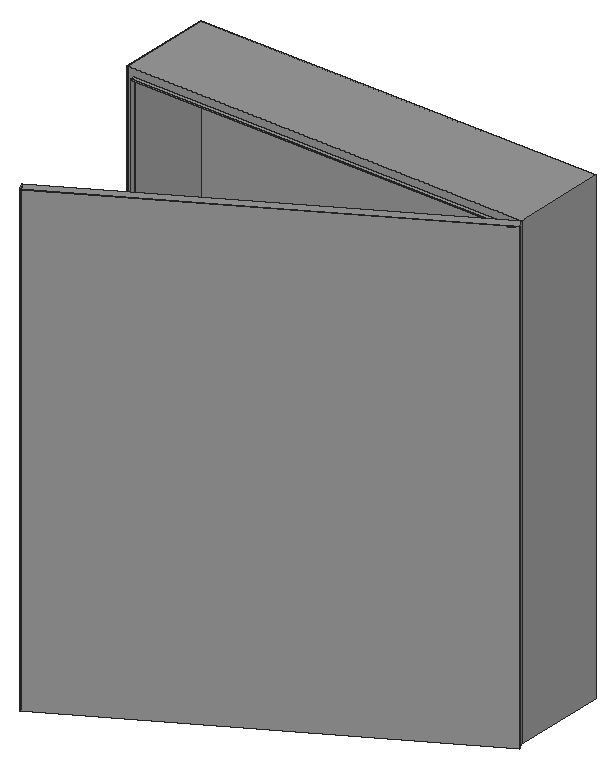
Revit family "Hager-Univers-IP44-D205-H950-Cl.II-Encl-NoHosted-CH-de", category Equipement électrique, Revit 2020
Family settings
  Configuration du panneau = Deux colonnes, circuits au sein
  Cote de connecteur circulaire = Utiliser le diamètre
  Type d'élément = Tableau de raccordement
  Basée sur le plan de construction = Oui
  Toujours verticalement = Oui
  Couper avec des vides une fois chargée = Non
  Partagée = Non
  Point de calcul de pièce = Non
Parameters (values of type "Aufputz IP44 B800 H950 T205  - FP63QS")
  Width Control [instance] = if([EF000008 - Breite] > Min Width, [EF000008 - Breite], Min Width)  # 800 mm
  Commentaires du type = [HG000003 - Bereich]  # "Univers"
  Thickness Door [instance] = if([EF009171 - Materialstärke Tür/Deckel] > 3 mm, 3 mm, [EF009171 - Materialstärke Tür/Deckel])  # 1 mm
  Seal Frame Offset [instance] = 17 mm  # constant formula
  Plinth Visibility [instance] = [HG000027 - Sockelhöhe] > 0 mm  # no
  Min Width [instance] = 100 mm  # constant formula
  Min Depth [instance] = (2 * [EF009170 - Materialstärke Gehäuse]) + 1 mm  # 3 mm
  Min Height [instance] = 100 mm  # constant formula
  Internal Frame Depth [instance] = (Door System Depth * 0.5)  # 9 mm
  Panel Name [instance] = ""  # (empty or 0)
  Model = ""
  HG000027 - Sockelhöhe = 0 mm
  HG000026 - Stehend auf dem Boden = no
  HG000024 - Höhe des unteren Teils = 600 mm
  HG000023 - Gehäuse mit doppeltem Querschnitt = no
  HG000016 - 3D-Türsichtbarkeit [instance] = yes
  HG000015 - Sichtbarkeit der Türöffnung [instance] = no
  HG000014 - Tür rechts [instance] = yes
  HG000013 - Tür links [instance] = not([HG000014 - Tür rechts])  # no
  HG000012 - Türschwenkwinkel [instance] = 30.00°
  HG000010 - Asymmetrische Türen = no
  HG000009 - Doppelflügeligen Tür = no
  HG000006 - Unterputz = no
  HG000004 - Herstellerreferenz = "FP63QS"
  HG000003 - Bereich = "Univers"
  HG000002 - Mit tür = yes
  Frame Offset Bottom [instance] = 10 mm  # constant formula
  Frame Offset [instance] = 15 mm  # constant formula
  EF015940 - Deckel mit Überdruckentlastung = no
  EF011959 - Schutzart (NEMA) = ""
  EF009554 - Anzahl der Öffnungen für Flanschplatten = 6
  EF009212 - Ausführung Deckel = "EV000116 - geschlossen"
  EF009171 - Materialstärke Tür/Deckel = 1 mm
  EF009170 - Materialstärke Gehäuse = 1 mm
  EF008873 - Nennstrom (In) = 250 A
  EF007800 - Geeignet für Blitzschutz = no
  EF006306 - Mit Schloss = no
  EF006244 - Transparenter Deckel/Tür = no
  EF005474 - Schutzart (IP) = "EV006418 - IP44"
  EF004464 - Art der Tür = "EV002646 - Einzel"
  EF004427 - Anzahl der Module = 216
  EF004293 - Schlagfestigkeit = "EV006815 - IK09"
  EF003532 - Geeignet für Außengebrauch = no
  EF002950 - Breite in Teilungseinheiten = 36
  EF001613 - Funktionserhalt = "EV000494 - ohne"
  EF001596 - Werkstoff des Gehäuses = "EV000179 - Stahl"
  EF001131 - Innentiefe = 143 mm
  EF001088 - Anbaumöglichkeit = yes
  EF000437 - Anzahl der Leitungseinführungen = 6
  EF000339 - Art der Abdeckung = "EV001012 - Deckel"
  EF000266 - Anzahl der Reihen = 6
  EF000218 - Einbautiefe = 0 mm
  EF000118 - Mit Montageplatte = no
  EF000116 - RAL-Nummer = "9010"
  EF000049 - Tiefe = 205 mm
  EF000040 - Höhe = 950 mm
  EF000008 - Breite = 800 mm
  EF000007 - Farbe = "EV000202 - weiß"
  EF000003 - Montageart = "EV000384 - Aufputz"
  Door System Leaf Tolerance [instance] = 1.5 mm  # constant formula
  Door System Depth [instance] = 18 mm  # constant formula
  Door Height [instance] = Height Control - [HG000027 - Sockelhöhe]  # 950 mm
  Description = ""
  Default Elevation = 1219.2 mm
  Connector Offset [instance] = Height Control / 2  # 475 mm
  Fabricant = "Hager"  # constant formula
  Height Control [instance] = if([EF000040 - Höhe] > Min Height, [EF000040 - Höhe], Min Height)  # 950 mm
  Depth Control [instance] = if([EF000049 - Tiefe] > Min Depth, [EF000049 - Tiefe], Min Depth)  # 205 mm
  Bottom Top Plate Trim [instance] = 1.5 mm  # constant formula
  Plinth height Ctrl [instance] = if([HG000027 - Sockelhöhe] > 0 mm, [HG000027 - Sockelhöhe], 12 mm)  # 12 mm
Types (5, lengths in mm): name | Width Control | HG000009 - Doppelflügeligen Tür | HG000004 - Herstellerreferenz | EF009554 - Anzahl der Öffnungen für Flanschplatten | EF004464 - Art der Tür | EF004427 - Anzahl der Module | EF002950 - Breite in Teilungseinheiten | EF001131 - Innentiefe | EF000437 - Anzahl der Leitungseinführungen | EF000008 - Breite
  Aufputz IP44 B1050 H950 T205  - FP64QS | 1050 | yes | "FP64QS" | 8 | "EV003602 - Doppel" | 288 | 48 | 143 | 8 | 1050
  Aufputz IP44 B1300 H950 T205  - FP65QS | 1300 | yes | "FP65QS" | 10 | "EV003602 - Doppel" | 360 | 60 | 143 | 10 | 1300
  Aufputz IP44 B300 H950 T205  - FP61QS | 300 | no | "FP61QS" | 2 | "EV002646 - Einzel" | 72 | 12 | 143 | 2 | 300
  Aufputz IP44 B550 H950 T205  - FP62QS | 550 | no | "FP62QS" | 4 | "EV002646 - Einzel" | 144 | 24 | 130 | 4 | 550
  Aufputz IP44 B800 H950 T205  - FP63QS | 800 | no | "FP63QS" | 6 | "EV002646 - Einzel" | 216 | 36 | 143 | 6 | 800
Reference planes
  plane 1 "Center (Front/Back)": y = 0
  plane 2: z = 0
  plane 3 "Center (Left/Right)": x = 0
  plane 4: y = 0
  plane 5: y = 0
  plane 6: z = 0
  plane 7: x = -400
  plane 8: x = 400
  plane 9: x = 399
  plane 10: x = -399
  plane 11: z = 0
  plane 12: z = 1
  plane 13: y = -205
  plane 14: y = -1
  plane 15: x = 0
  plane 16: y = -187
  plane 17: y = -204
  plane 18: y = -186
  plane 19: x = -384
  plane 20: x = 384
  plane 21: z = 11
  plane 22: x = -383
  plane 23: x = 383
  plane 24: z = 0
  plane 25: z = 950
  plane 26: z = 950
  plane 27: z = 934
  plane 28: z = 949
Forms (mm)
  Extrusion 1, solid, material "Hager_Steel_RAL7035_Light_Grey", detail levels medium+fine
    sketch origin (-208.679, -4572, 0) x (-1, 0, 0) y (0, -1, 0)
      loop
        line (191.321, -4385) -> (-608.679, -4385) -> (-608.679, -4572) -> (191.321, -4572) -> (191.321, -4385)
    from 0 to 950
  Extrusion 2, void
    sketch origin (-350.771, -205, 1219.2) x (1, 0, 0) y (0, 0, 1)
      loop
        line (-48.229, -270.2) -> (-48.229, -1218.2) -> (749.771, -1218.2) -> (749.771, -270.2) -> (-48.229, -270.2)
    from -19 to -204
  Extrusion 3, void
    sketch origin (-290.084, -187, 1219.2) x (1, 0, 0) y (0, 0, 1)
      loop
        line (-93.916, -1208.2) -> (674.084, -1208.2) -> (674.084, -285.2) -> (-93.916, -285.2) -> (-93.916, -1208.2)
    from 0 to -1
  Extrusion 4, solid, material "Hager_Steel_RAL7035_Light_Grey", visible <- "Plinth Visibility", detail levels medium+fine
    sketch origin (0, 0, 0) x (1, 0, 0) y (0, 1, 0)
      loop
        line (-400, 0) -> (-400, -187) -> (400, -187) -> (400, 0) -> (-400, 0)
    from 0 to 12 <- "Plinth height Ctrl"
  Extrusion 5, solid, material "Hager_Steel_RAL7035_Light_Grey", detail levels coarse
    sketch origin (0, 0, 0) x (1, 0, 0) y (0, 1, 0)
      loop
        line (-400, 0) -> (-400, -205) -> (400, -205) -> (400, 0) -> (-400, 0)
    from 0 to 950 <- "Height Control"
  Sweep 6, void
    path in 3D
      loop
        line (-400, -187, 12) -> (400, -187, 12) -> (400, 0, 12) -> (-400, 0, 12) -> (-400, -187, 12)
    profile origin (-400, -93.5, 12) x (1, 0, 0) y (0, 0, 1)
      loop
        line (0, 0) -> (0, -1.5) -> (1.5, -1.5)
        arc (1.5, -1.5) -> (1.061, -0.439) -> (0, 0) r 1.5
  Extrusion 7, solid, material "Hager_Steel_RAL7035_Light_Grey", detail levels fine
    sketch origin (-400, -187, 0) x (1, 0, 0) y (0, 0, 1)
      loop
        line (16, 11) -> (784, 11) -> (784, 934) -> (16, 934) -> (16, 11)
      loop
        line (15, 10) -> (785, 10) -> (785, 935) -> (15, 935) -> (15, 10)
    from 0 to 9 <- "Internal Frame Depth"
Cuts and joins
  Extrusion 2, Extrusion 3 cuts Extrusion 1
  Sweep 6 cuts Extrusion 4
Lines and regions (mm)
  Masking region 1
    outline origin (0, 0, 0) x (1, 0, 0) y (0, 1, 0)
      loop
        line (-400, 0) -> (-400, -205) -> (400, -205) -> (400, 0) -> (-400, 0)
  Masking region 2, detail levels coarse
    outline origin (-290.084, -187, 1219.2) x (-1, 0, 0) y (0, 0, 1)
      loop
        line (-690.084, -1219.2) -> (109.916, -1219.2) -> (109.916, -269.2) -> (-690.084, -269.2) -> (-690.084, -1219.2)
  Masking region 3, detail levels coarse
    outline origin (0, 0, 0) x (0, 1, 0) y (0, 0, 1)
      loop
        line (0, 0) -> (0, 950) -> (-205, 950) -> (-205, 0) -> (0, 0)
  Masking region 4, visible <- "Plinth Visibility", detail levels medium+fine
    outline origin (0, 0, 0) x (0, 1, 0) y (0, 0, 1)
      loop
        line (-1.5, 12) -> (-185.5, 12)
        arc (-185.5, 12) -> (-185.939, 10.939) -> (-187, 10.5) r 1.5
        line (-187, 10.5) -> (-187, 0) -> (0, 0) -> (0, 10.5)
        arc (0, 10.5) -> (-1.061, 10.939) -> (-1.5, 12) r 1.5
  Masking region 5, detail levels medium+fine
    outline origin (0, 0, 594.038) x (0, 1, 0) y (0, 0, 1)
      loop
        line (0, -594.038) -> (0, 355.962) -> (-187, 355.962) -> (-187, -594.038) -> (0, -594.038)
  Masking region 6, detail levels medium+fine
    outline origin (-359.7, -187, 1211.883) x (-1, 0, 0) y (0, 0, 1)
      loop
        line (-759.7, -1211.883) -> (40.3, -1211.883) -> (40.3, -261.883) -> (-759.7, -261.883) -> (-759.7, -1211.883)
  Masking region 7, visible <- "Plinth Visibility", detail levels medium+fine
    outline origin (-320.334, -187, 1041.368) x (-1, 0, 0) y (0, 0, 1)
      loop
        line (-720.334, -1041.368) -> (79.666, -1041.368) -> (79.666, -1030.868)
        arc (79.666, -1030.868) -> (78.606, -1030.429) -> (78.166, -1029.368) r 1.5
        line (78.166, -1029.368) -> (-718.834, -1029.368)
        arc (-718.834, -1029.368) -> (-719.273, -1030.429) -> (-720.334, -1030.868) r 1.5
        line (-720.334, -1030.868) -> (-720.334, -1041.368)
  sketch lines
    curve 1: line (-400, 0, 12) -> (-400, -187, 12)
    curve 2: line (-400, -187, 12) -> (400, -187, 12)
    curve 3: line (400, 0, 12) -> (-400, 0, 12)
    curve 4: line (400, -187, 12) -> (400, 0, 12)
Dimensions and locks
  locked: plane 1 "Center (Front/Back)" to plane 5
  "EF009170 - Materialstärke Gehäuse": plane 7 to plane 10
  "EF009170 - Materialstärke Gehäuse": plane 8 to plane 9
  equal spacing: plane 7, plane 3 "Center (Left/Right)", plane 8
  "Width Control": plane 7 to plane 8
  "Depth Control": plane 4 to plane 13
  "EF009170 - Materialstärke Gehäuse": plane 4 to plane 14
  "Height Control": plane 25 to level
  "HG000027 - Sockelhöhe": plane 11 to level
  "EF009170 - Materialstärke Gehäuse": plane 12 to plane 11
  "EF009170 - Materialstärke Gehäuse": plane 17 to plane 13
  "EF009170 - Materialstärke Gehäuse": plane 18 to plane 16
  "Frame Offset Bottom": plane 21 to plane 12
  "Frame Offset": plane 10 to plane 19
  "Frame Offset": plane 9 to plane 20
  "Door System Depth": plane 16 to plane 13
  "Seal Frame Offset": plane 7 to plane 22
  "Seal Frame Offset": plane 8 to plane 23
  "EF009170 - Materialstärke Gehäuse": plane 26 to plane 28
  "Frame Offset": plane 28 to plane 27
  "Connector Offset": plane 2 to connector elem
  "Bottom Top Plate Trim": profile plane to Sweep 6 sketch curve
  "Bottom Top Plate Trim": Sweep 6 sketch curve to Sweep 6 sketch curve
  "Plinth height Ctrl": Masking region 4 sketch curve to level
  "Plinth height Ctrl": Masking region 7 sketch curve to level
  "Thickness Door": Extrusion 7 sketch curve to Extrusion 7 sketch curve  (x4)
  "Bottom Top Plate Trim": radius of Sweep 6 sketch curve
  "Bottom Top Plate Trim": radius of Masking region 4 sketch curve  (x2)
  "Bottom Top Plate Trim": radius of Masking region 7 sketch curve  (x2)
  aligned and locked: Extrusion 2 sketch curve to plane 12
  aligned and locked: Extrusion 2 sketch curve to plane 9
  aligned and locked: Extrusion 2 sketch curve to plane 10
  aligned and locked: Extrusion 2 to plane 14
  aligned and locked: Extrusion 1 sketch curve to plane 4
  aligned and locked: plane 8 to Extrusion 1 sketch curve
  aligned and locked: plane 7 to Extrusion 1 sketch curve
  aligned and locked: Extrusion 2 to plane 18
  aligned and locked: Extrusion 3 sketch curve to plane 19
  aligned and locked: plane 20 to Extrusion 3 sketch curve
  aligned and locked: Extrusion 3 to Extrusion 2
  aligned and locked: Extrusion 3 sketch curve to plane 21
  aligned and locked: plane 3 "Center (Left/Right)" to nested 1
  aligned and locked: Extrusion 1 sketch curve to plane 16
  aligned and locked: Extrusion 4 sketch curve to cut or joined group of Extrusion 1, Extrusion 2, Extrusion 3
  aligned and locked: Masking region 1 sketch curve to plane 7
  aligned and locked: Masking region 1 sketch curve to plane 5
  aligned and locked: Masking region 1 sketch curve to plane 8
  aligned and locked: Masking region 2 sketch curve to level
  aligned and locked: level to Masking region 3 sketch curve
  aligned and locked: plane 1 "Center (Front/Back)" to Masking region 3 sketch curve
  aligned and locked: plane 13 to Masking region 3 sketch curve
  aligned and locked: plane 5 to Masking region 4 sketch curve
  aligned and locked: Masking region 2 sketch curve to plane 8
  aligned and locked: Masking region 2 sketch curve to plane 7
  aligned and locked: plane 7 to nested 2
  aligned and locked: nested 2 to plane 5
  aligned and locked: plane 5 to Masking region 5 sketch curve
  aligned and locked: plane 26 to Masking region 5 sketch curve
  aligned and locked: Extrusion 5 sketch curve to plane 8
  aligned and locked: Extrusion 5 sketch curve to plane 7
  aligned and locked: Extrusion 5 sketch curve to plane 5
  aligned and locked: Extrusion 3 sketch curve to plane 27
  aligned and locked: Extrusion 2 sketch curve to plane 28
  aligned and locked: Masking region 2 to plane 25
  aligned and locked: Extrusion 4 to plane 16
  aligned and locked: profile plane to Sweep 6 sketch curve
  aligned and locked: Masking region 5 sketch curve to plane 24
  aligned and locked: level to Masking region 4 sketch curve
  aligned and locked: Masking region 1 to plane 13
  aligned and locked: nested 1 to plane 16
  aligned and locked: Masking region 3 to plane 25
  aligned and locked: plane 16 to Masking region 4 sketch curve
  aligned and locked: Masking region 5 sketch curve to plane 16
  aligned and locked: plane 24 to plane 11
  aligned and locked: plane 26 to plane 25
  aligned and locked: plane 26 to cut or joined group of Extrusion 1, Extrusion 2, Extrusion 3
  aligned and locked: nested 1 to plane 24
  aligned and locked: Extrusion 1 to Extrusion 3
  aligned and locked: Masking region 6 sketch curve to plane 8
  aligned and locked: Masking region 6 sketch curve to plane 24
  aligned and locked: Masking region 6 sketch curve to plane 7
  aligned and locked: Masking region 6 sketch curve to plane 26
  aligned and locked: Masking region 7 sketch curve to plane 7
  aligned and locked: level to Masking region 7 sketch curve
  aligned and locked: Masking region 7 sketch curve to plane 8
  aligned and locked: Extrusion 7 sketch curve to cut or joined group of Extrusion 1, Extrusion 2, Extrusion 3  (x4)
Automatic sketch dimensions
  plane 19 to Extrusion 3 sketch curve = 0 mm
  Extrusion 3 sketch curve to plane 20 = 0 mm
  Extrusion 3 sketch curve to plane 21 = 0 mm
  Extrusion 4 sketch curve to plane 7 = 0 mm
  Extrusion 4 sketch curve to plane 8 = 0 mm
  Extrusion 4 sketch curve to plane 16 = 0 mm
  Masking region 1 sketch curve to plane 13 = 0 mm
  Masking region 2 sketch curve to plane 25 = 0 mm
  Masking region 3 sketch curve to plane 25 = 0 mm
  Extrusion 5 sketch curve to plane 13 = 0 mm
  profile plane to Sweep 6 sketch curve = 0 mm
Nested families
  nested 1: "EC000058_Univers_Door" at (0, -187, 0), Double <- "HG000009 - Doppelflügeligen Tür", Transparent <- "EF006244 - Transparenter Deckel/Tür", Angle <- "HG000012 - Türschwenkwinkel", Door_Right <- "HG000014 - Tür rechts", Assymetrical <- "HG000010 - Asymmetrische Türen", Door <- "HG000002 - Mit tür", Width_Ctrl <- "Width Control", 3d_Door <- "HG000016 - 3D-Türsichtbarkeit", Clearance <- "HG000015 - Sichtbarkeit der Türöffnung", Door_Left <- "HG000013 - Tür links", Width <- "Width Control", Door_Depth <- "Door System Depth", Leaf_Tolerance <- "Door System Leaf Tolerance", Height <- "Door Height", Lock_Visibility <- "EF006306 - Mit Schloss", Thickness <- "Thickness Door", type "EC000058_Univers_Door", detail levels medium+fine
    with min_wh 3 mm, Width_Ctrl 800 mm, Width 800 mm, Transparent no, Thickness 1 mm, Seal_Material Hager_Rubber, Lock_Visibility no, Lock_Material Hager_Plastic_RAL9005_Jet_Black, Leaf_Width 800 mm, Leaf_Tolerance_External_Sides 0 mm, Leaf_Tolerance 1.5 mm, Leaf_Offset 0 mm, Leaf_Height 947 mm, Leaf_2_Width 800 mm, Leaf_2_Offset 400 mm, Leaf_1_Width 800 mm, Leaf_1_Offset 400 mm, Height_Ctrl 950 mm, Height 950 mm, Glass_Material Hager_Glass, Double_Clearance_Ctrl no, Double no, Door_Right_Ctrl yes, Door_Right yes, Door_Material Hager_Steel_RAL7035_Light_Grey, Door_Left_Ctrl no, Door_Left no, Door_Depth 18 mm, Door yes, Clearance_Material Hager_Clearance, Clearance_Depth 800 mm, Clearance_Ctrl no, Clearance no, Assymetrical no, Angle 30.00°, 3d_Door yes
  nested 2: "Hager_Enclosure_Symbol" at (-400, 0, 0), Height <- "Depth Control", Width <- "Width Control", type "Hager_Enclosure_Symbol"
    with Width_Ctrl 800 mm, Width 800 mm, Height_Ctrl 205 mm, Height 205 mm, A_Width_Int 13.453 mm, A_Width 161.438 mm, A_Height_Ctrl 179.375 mm, A_Height 179.375 mm
Connectors
  electrical at (0, 0, 475)
    settings: on plane 1 "Center (Front/Back)", index 1, voltage 0 V, apparent load 0 VA, apparent load phase1 0 VA, apparent load phase2 0 VA, apparent load phase3 0 VA, power factor 1, load classification "Other", number of poles 1, system type 30, power factor state 1, is connector primary yes, connector utility no, sub classification motor no, connector description ""
Definition of nested family "EC000058_Univers_Door"
  Parameters (values of type "EC000058_Univers_Door")
    min_wh [instance] = (2 * Thickness) + 1 mm  # 11 mm
    Width_Ctrl [instance] = 400 mm
    Width [instance] = 500 mm
    Transparent [instance] = yes
    Thickness [instance] = 5 mm
    Seal_Material [instance] = none
    Lock_Visibility [instance] = yes
    Lock_Material [instance] = none
    Leaf_Width [instance] = if((Width_Ctrl - 2 * Leaf_Tolerance_External_Sides) > 0 mm, (Width_Ctrl - 2 * Leaf_Tolerance_External_Sides), min_wh)  # 400 mm
    Leaf_Tolerance_External_Sides [instance] = 0 mm  # constant formula
    Leaf_Tolerance [instance] = 1.5 mm
    Leaf_Offset [instance] = 0 mm  # constant formula
    Leaf_Height [instance] = if((Height_Ctrl - 2 * Leaf_Tolerance) > 0 mm, (Height_Ctrl - 2 * Leaf_Tolerance), min_wh)  # 497 mm
    Leaf_2_Width [instance] = if(and(and(Double, Assymetrical), Door_Left), (Leaf_Width / 3) - (Leaf_Tolerance / 2), if(and(and(Double, Assymetrical), Door_Right), (Leaf_Width / 3) * 2 - (Leaf_Tolerance / 2), if(and(Double, not(Assymetrical)), (Leaf_Width / 2) - Leaf_Tolerance, Leaf_Width)))  # 400 mm
    Leaf_2_Offset [instance] = if(and(Double, Assymetrical), Leaf_2_Width / 2, if(and(Double, not(Assymetrical)), Leaf_Width / 4, Leaf_Width / 2))  # 200 mm
    Leaf_1_Width [instance] = if(and(and(Double, Assymetrical), Door_Right), (Leaf_Width / 3) - (Leaf_Tolerance / 2), if(and(and(Double, Assymetrical), Door_Left), (Width / 3) * 2 - (Leaf_Tolerance / 2), if(and(Double, not(Assymetrical)), (Leaf_Width / 2) - Leaf_Tolerance, Leaf_Width)))  # 400 mm
    Leaf_1_Offset [instance] = if(and(Double, Assymetrical), Leaf_1_Width / 2, if(and(Double, not(Assymetrical)), Leaf_Width / 4, Leaf_Width / 2))  # 200 mm
    Height_Ctrl [instance] = if(Height > min_wh, Height, min_wh)  # 500 mm
    Height [instance] = 500 mm
    Glass_Material [instance] = none
    Double_Clearance_Ctrl [instance] = and(Double, Clearance)  # no
    Double [instance] = no
    Door_Right_Ctrl [instance] = and(or(Door_Right, Double), Door)  # yes
    Door_Right [instance] = yes
    Door_Material [instance] = none
    Door_Left_Ctrl [instance] = and(or(Door_Left, Double), Door)  # no
    Door_Left [instance] = no
    Door_Depth [instance] = 30 mm
    Door [instance] = yes
    Default Elevation = 1219.2 mm
    Clearance_Material [instance] = none
    Clearance_Depth [instance] = if(Leaf_1_Width > Leaf_2_Width, Leaf_1_Width, Leaf_2_Width)  # 400 mm
    Clearance_Ctrl [instance] = and(not(Double), Clearance)  # yes
    Clearance [instance] = yes
    Assymetrical [instance] = yes
    Angle [instance] = 30.00°
    3d_Door [instance] = yes
  Reference planes
    plane 1 "Center (Front/Back)": y = 0
    plane 2 "Bottom": z = 0
    plane 3 "Center (Left/Right)": x = 0
    plane 4: z = 500
    plane 5: x = -200
    plane 6: x = 200
    plane 7: z = 500
    plane 8: x = -200
    plane 9: z = 0
    plane 10: x = 200
    plane 11: y = 0
    plane 12: z = 1.5
    plane 13: x = -600
    plane 14: y = -400
    plane 15: x = 600
    plane 16: x = 0
    plane 17: x = 0
    plane 18: x = -200
    plane 19: x = 200
    plane 20: z = 498.5
  Forms (mm)
    Extrusion 1, solid, material <- "Clearance_Material", visible <- "Double_Clearance_Ctrl"
      sketch origin (1200, 0, 0) x (1, 0, 0) y (0, 0, -1)
        loop
          line (-1800, -498.5) -> (-600, -498.5) -> (-600, 0) -> (-1800, 0) -> (-1800, -498.5)
      from 0 to -400
  Dimensions and locks
    equal spacing: plane 5, plane 3 "Center (Left/Right)", plane 6
    "Width_Ctrl": plane 5 to plane 6
    "Leaf_Offset": plane 5 to plane 8
    "Leaf_Offset": plane 6 to plane 10
    "Leaf_Offset": plane 9 to level
    "Leaf_Offset": plane 4 to plane 7
    "Height_Ctrl": plane 4 to level
    "Leaf_Tolerance": plane 12 to plane 9
    locked: plane 11 to plane 1 "Center (Front/Back)"
    "Leaf_1_Offset": plane 18 to plane 16
    "Leaf_2_Offset": plane 17 to plane 19
    "Leaf_1_Width": plane 13 to plane 8
    "Leaf_2_Width": plane 10 to plane 15
    "Clearance_Depth": plane 14 to plane 1 "Center (Front/Back)"
    "Leaf_Tolerance_External_Sides": plane 8 to plane 18
    "Leaf_Tolerance_External_Sides": plane 19 to plane 10
    "Leaf_Tolerance": plane 7 to plane 20
    aligned and locked: level to plane 2 "Bottom"
    aligned and locked: nested 1 to plane 16
    aligned and locked: nested 2 to plane 17
    aligned and locked: Extrusion 1 to plane 13
    aligned and locked: plane 15 to Extrusion 1
    aligned and locked: Extrusion 1 to plane 14
    aligned and locked: plane 12 to nested 1
    aligned and locked: nested 2 to plane 12
    aligned and locked: Extrusion 1 to plane 11
    aligned and locked: plane 20 to Extrusion 1
    aligned and locked: nested 2 to plane 11
    aligned and locked: nested 1 to plane 11
  Automatic sketch dimensions
    Extrusion 1 sketch curve to level = 0 mm
    plane 5 to Extrusion 1 sketch curve = 400 mm
    plane 6 to Extrusion 1 sketch curve = 400 mm
    Extrusion 1 sketch curve to plane 4 = 1.5 mm
  Nested families
    nested 1: "EC000058_Univers_Door_Leaf" at (0, 0, 1.5), Width <- "Leaf_1_Width", visible <- "Door_Left_Ctrl", Leaf_Height <- "Leaf_Height", Angle <- "Angle", 3d_Door <- "3d_Door", Transparent <- "Transparent", Clearance Material <- "Clearance_Material", Clearance <- "Clearance_Ctrl", Door_Material <- "Door_Material", Glass_Material <- "Glass_Material", Door_Depth <- "Door_Depth", Lock_Material <- "Lock_Material", Seal_Material <- "Seal_Material", Lock_Visibility <- "Lock_Visibility", Thickness <- "Thickness", type "EC000058_Univers_Door_Leaf"
      with Width 400 mm, Transparent_Glass_Offset 30 mm, Transparent_Ctrl yes, Transparent yes, Thickness 5 mm, Standard no, Seal_Material none, Seal_D2 8 mm, Seal_D1 1 mm, Offset_Internal_Frame 10 mm, Lock_Width 20 mm, Lock_Visibility_3d yes, Lock_Visibility yes, Lock_Thickness_3 3 mm, Lock_Thickness_2 1 mm, Lock_Thickness_1 3 mm, Lock_Radius_Offset_2 16 mm, Lock_Radius_Offset_1 15 mm, Lock_Radius_2 5 mm, Lock_Radius 6 mm, Lock_Offset 5 mm, Lock_Material none, Lock_Height 80 mm, Lock_Cover_Top_Offset_2d 17 mm, Lock_Cover_Height -65 mm, Leaf_Height 497 mm, Internal_Seal_Thickness 8 mm, Internal_Seal_Depth_2 4.5 mm, Internal_Frame_Depth 25 mm, Glass_Thickness -1 mm, Glass_Offset -2 mm, Glass_Material none, Door_Material none, Door_Depth 30 mm, Clearance Material none, Clearance yes, Angle_Ctrl 30.00°, Angle 30.00°, 3d_Door yes
    nested 2: "EC000058_Univers_Door_Leaf" at (0, 0, 1.5) x (-1, 0, 0) z (0, 0, 1), Width <- "Leaf_2_Width", visible <- "Door_Right_Ctrl", Leaf_Height <- "Leaf_Height", Angle <- "Angle", 3d_Door <- "3d_Door", Transparent <- "Transparent", Clearance Material <- "Clearance_Material", Clearance <- "Clearance_Ctrl", Door_Material <- "Door_Material", Glass_Material <- "Glass_Material", Door_Depth <- "Door_Depth", Lock_Material <- "Lock_Material", Seal_Material <- "Seal_Material", Lock_Visibility <- "Lock_Visibility", Thickness <- "Thickness", type "EC000058_Univers_Door_Leaf"
      with Width 400 mm, Transparent_Glass_Offset 30 mm, Transparent_Ctrl yes, Transparent yes, Thickness 5 mm, Standard no, Seal_Material none, Seal_D2 8 mm, Seal_D1 1 mm, Offset_Internal_Frame 10 mm, Lock_Width 20 mm, Lock_Visibility_3d yes, Lock_Visibility yes, Lock_Thickness_3 3 mm, Lock_Thickness_2 1 mm, Lock_Thickness_1 3 mm, Lock_Radius_Offset_2 16 mm, Lock_Radius_Offset_1 15 mm, Lock_Radius_2 5 mm, Lock_Radius 6 mm, Lock_Offset 5 mm, Lock_Material none, Lock_Height 80 mm, Lock_Cover_Top_Offset_2d 17 mm, Lock_Cover_Height -65 mm, Leaf_Height 497 mm, Internal_Seal_Thickness 8 mm, Internal_Seal_Depth_2 4.5 mm, Internal_Frame_Depth 25 mm, Glass_Thickness -1 mm, Glass_Offset -2 mm, Glass_Material none, Door_Material none, Door_Depth 30 mm, Clearance Material none, Clearance yes, Angle_Ctrl 30.00°, Angle 30.00°, 3d_Door yes
  Definition of nested family "EC000058_Univers_Door_Leaf"
    Parameters (values of type "EC000058_Univers_Door_Leaf")
      Width [instance] = 2000 mm
      Transparent_Glass_Offset [instance] = 30 mm
      Transparent_Ctrl [instance] = and(Transparent, [3d_Door])  # yes
      Transparent [instance] = yes
      Thickness [instance] = 5 mm
      Standard [instance] = and(not(Transparent), [3d_Door])  # no
      Seal_Material [instance] = none
      Seal_D2 [instance] = 8 mm  # constant formula
      Seal_D1 [instance] = 1 mm  # constant formula
      Offset_Internal_Frame [instance] = 10 mm  # constant formula
      Lock_Width [instance] = 20 mm  # constant formula
      Lock_Visibility_3d [instance] = and(Lock_Visibility, [3d_Door])  # yes
      Lock_Visibility [instance] = yes
      Lock_Thickness_3 [instance] = 3 mm  # constant formula
      Lock_Thickness_2 [instance] = 1 mm  # constant formula
      Lock_Thickness_1 [instance] = 3 mm  # constant formula
      Lock_Radius_Offset_2 [instance] = Lock_Radius_Offset_1 + 1 mm  # 16 mm
      Lock_Radius_Offset_1 [instance] = 15 mm  # constant formula
      Lock_Radius_2 [instance] = Lock_Radius - 1 mm  # 5 mm
      Lock_Radius [instance] = 6 mm  # constant formula
      Lock_Offset [instance] = 5 mm  # constant formula
      Lock_Material [instance] = none
      Lock_Height [instance] = 80 mm  # constant formula
      Lock_Cover_Top_Offset_2d [instance] = Lock_Radius_Offset_2 + 1 mm  # 17 mm
      Lock_Cover_Height [instance] = -(Lock_Height - Lock_Radius_Offset_1)  # -65 mm
      Leaf_Height [instance] = 2720.336 mm
      Internal_Seal_Thickness [instance] = 8 mm  # constant formula
      Internal_Seal_Depth_2 [instance] = 4.5 mm  # constant formula
      Internal_Frame_Depth [instance] = if(Door_Depth - Thickness > 5 mm, Door_Depth - Thickness, 5 mm)  # 25 mm
      Glass_Thickness [instance] = if(Thickness > 15 mm, Glass_Offset + 10 mm, -1 mm)  # -1 mm
      Glass_Offset [instance] = if(Thickness > 15 mm, -(Thickness + 10 mm) / 2, -2 mm)  # -2 mm
      Glass_Material [instance] = none
      Door_Material [instance] = none
      Door_Depth [instance] = 30 mm
      Default Elevation = 0 mm
      Clearance Material [instance] = none
      Clearance [instance] = yes
      Angle_Ctrl [instance] = if(Angle > 180.00°, 180.00°, Angle)  # 90.00°
      Angle [instance] = 90.00°
      3d_Door [instance] = yes
    Reference planes
      plane 1 "Center (Front/Back)": y = 0
      plane 2: z = 0
      plane 3 "Center (Left/Right)": x = 0
      plane 4: y = 2000
      plane 5: x = -1000
      plane 6: x = 1000
      plane 7: x = -3000
      plane 8: z = 2720.336
      plane 9: z = 30
      plane 10: z = 2690.336
      plane 11: x = 970
      plane 12: x = -970
      plane 13: y = -3
      plane 14: z = 107.833
      plane 15: y = -5
      plane 16: y = -223.314
      plane 17: x = -1000
      plane 18: z = 1360.168
      plane 19: y = 30
    Forms (mm)
      Extrusion 1, solid, material <- "Clearance Material", visible <- "Clearance"
        sketch origin (0, 0, 0) x (1, 0, 0) y (0, 0, 1)
          loop
            line (-3000, 2720.336) -> (-3000, 0) -> (1000, 0) -> (1000, 2720.336) -> (-3000, 2720.336)
        from 0 to -2000
      Extrusion 2, solid, material <- "Door_Material", visible <- "Standard", detail levels medium+fine
        sketch origin (-1000, 0, 0) x (0, 1, 0) y (-1, 0, 0)
          loop
            line (0, 30) -> (0, 25) -> (2000, 25) -> (2000, 30) -> (0, 30)
        from 0 to 2720.336 <- "Leaf_Height"
      Extrusion 3, solid, material <- "Door_Material", visible <- "Transparent_Ctrl", detail levels medium+fine
        sketch origin (-1000, 0, 0) x (0, 1, 0) y (-1, 0, 0)
          loop
            line (0, 25) -> (2000, 25) -> (2000, 30) -> (0, 30) -> (0, 25)
        from 0 to 2720.336 <- "Leaf_Height"
      Extrusion 4, void
        sketch origin (-1025, 2000, 0) x (0, 1, 0) y (0, 0, -1)
          loop
            line (-30, -2690.336) -> (-30, -30) -> (-1970, -30) -> (-1970, -2690.336) -> (-30, -2690.336)
        from 0 to 5 <- "Thickness"
      Sweep 5, solid, material <- "Seal_Material", visible <- "Transparent_Ctrl", detail levels fine
        path in 3D
          loop
            line (-1025, 30, 30) -> (-1025, 30, 2690.336) -> (-1025, 1970, 2690.336) -> (-1025, 1970, 30) -> (-1025, 30, 30)
        profile origin (-1025, 1000, 30) x (1, 0, 0) y (0, 0, 1)
          loop
            line (0, 0) -> (0, -8) -> (1, -8) -> (1, 0) -> (0, 0)
      Extrusion 6, solid, material <- "Glass_Material", visible <- "Transparent_Ctrl", detail levels medium+fine
        sketch origin (-1030, 0, 0) x (0, 1, 0) y (0, 0, -1)
          loop
            line (1970, -2690.336) -> (1970, -30) -> (30, -30) -> (30, -2690.336) -> (1970, -2690.336)
        from -2 <- "Glass_Offset" to -1 <- "Glass_Thickness"
      Extrusion 7, solid, material <- "Door_Material", visible <- "3d_Door", detail levels medium+fine
        sketch origin (-1025, 2000, 0) x (0, -1, 0) y (0, 0, -1)
          loop
            line (0, -2720.336) -> (2000, -2720.336) -> (2000, 0) -> (0, 0) -> (0, -2720.336)
          loop
            line (1995, -5) -> (5, -5) -> (5, -2715.336) -> (1995, -2715.336) -> (1995, -5)
        from 0 to 25 <- "Internal_Frame_Depth"
      Sweep 8, solid, material <- "Seal_Material", visible <- "Transparent_Ctrl", detail levels fine
        path in 3D
          loop
            line (-1025, 0, 0) -> (-1025, 2000, 0) -> (-1025, 2000, 2720.336) -> (-1025, 0, 2720.336) -> (-1025, 0, 0)
        profile origin (-1025, 0, 1360.168) x (1, 0, 0) y (0, 1, 0)
          loop
            line (0, 10) -> (2.975, 10)
            arc (2.975, 10) -> (4.053, 10.447) -> (4.5, 11.525) r 1.525
            line (4.5, 11.525) -> (4.5, 16.527)
            arc (4.5, 16.527) -> (4.069, 17.569) -> (3.027, 18) r 1.473
            line (3.027, 18) -> (0, 18) -> (0, 10)
      Extrusion 9, solid, material <- "Lock_Material", visible <- "Lock_Visibility_3d", detail levels fine
        sketch origin (-1030, 0, 0) x (0, 1, 0) y (0, 0, -1)
          loop
            arc (1993.5, -1400.168) -> (1994.561, -1399.729) -> (1995, -1398.668) r 1.5
            line (1995, -1398.668) -> (1995, -1320.168) -> (1975, -1320.168) -> (1975, -1398.668)
            arc (1975, -1398.668) -> (1975.439, -1399.729) -> (1976.5, -1400.168) r 1.5
            line (1976.5, -1400.168) -> (1993.5, -1400.168)
        from 3 <- "Lock_Thickness_1" to 0
      Blend 10, solid, material <- "Lock_Material", visible <- "Lock_Visibility_3d", detail levels fine
        base sketch origin (-1033, 0, 0) x (0, 1, 0) y (0, 0, -1)
          loop
            line (1975, -1320.168) -> (1975, -1398.668)
            arc (1975, -1398.668) -> (1975.439, -1399.729) -> (1976.5, -1400.168) r 1.5
            line (1976.5, -1400.168) -> (1993.5, -1400.168)
            arc (1993.5, -1400.168) -> (1994.561, -1399.729) -> (1995, -1398.668) r 1.5
            line (1995, -1398.668) -> (1995, -1320.168) -> (1975, -1320.168)
        top sketch origin (-1033, 0, 0) x (0, 1, 0) y (0, 0, -1)
          loop
            line (1976, -1320.168) -> (1976, -1398.668)
            arc (1976, -1398.668) -> (1976.146, -1399.022) -> (1976.5, -1399.168) r 0.5
            line (1976.5, -1399.168) -> (1993.5, -1399.168)
            arc (1993.5, -1399.168) -> (1993.854, -1399.022) -> (1994, -1398.668) r 0.5
            line (1994, -1398.668) -> (1994, -1320.168) -> (1976, -1320.168)
        from 0 to 1 <- "Lock_Thickness_2"
      Blend 11, solid, material <- "Lock_Material", visible <- "Lock_Visibility_3d", detail levels fine
        base sketch origin (-1034, 0, 0) x (0, 1, 0) y (0, 0, -1)
          loop
            line (1978, -1320.168) -> (1978, -1384.168)
            arc (1978, -1384.168) -> (1985, -1391.168) -> (1992, -1384.168) r 7
            line (1992, -1384.168) -> (1992, -1320.168) -> (1978, -1320.168)
        top sketch origin (-1034, 0, 0) x (0, 1, 0) y (0, 0, -1)
          loop
            line (1991, -1320.168) -> (1979, -1320.168) -> (1979, -1383.168)
            arc (1979, -1383.168) -> (1985, -1389.168) -> (1991, -1383.168) r 6
            line (1991, -1383.168) -> (1991, -1320.168)
        from 0 to 3 <- "Lock_Thickness_3"
      Extrusion 12, solid, material <- "Lock_Material", visible <- "Lock_Visibility_3d", detail levels fine
        sketch origin (-1030, 1975, 1320.168) x (1, 0, 0) y (0, -1, 0)
          loop
            line (-7, -19) -> (-7, -1) -> (0, -1) -> (0, 0) -> (-8, 0) -> (-8, -20) -> (0, -20) -> (0, -19) -> (-7, -19)
        from 0 to -65 <- "Lock_Cover_Height"
      Extrusion 13, void
        sketch origin (-1038, 1995, 1320.168) x (-1, 0, 0) y (0, 0, -1)
          loop
            line (-5, -65) -> (0, -65) -> (-5, -60) -> (-5, -65)
        from 0 to 20 <- "Lock_Width"
      Extrusion 14, void
        sketch origin (-1038, 1975, 1320.168) x (0, -1, 0) y (0, 0, -1)
          loop
            circle (-10, -15.995) r 6
          loop
            circle (-10, -15.995) r 5
        from 0 to 2
      Extrusion 15, solid, material <- "Lock_Material", visible <- "Lock_Visibility_3d", detail levels medium
        sketch origin (-1030, 0, 0) x (0, 1, 0) y (0, 0, -1)
          loop
            arc (1993.5, -1400.168) -> (1994.561, -1399.729) -> (1995, -1398.668) r 1.5
            line (1995, -1398.668) -> (1995, -1320.168) -> (1975, -1320.168) -> (1975, -1398.668)
            arc (1975, -1398.668) -> (1975.439, -1399.729) -> (1976.5, -1400.168) r 1.5
            line (1976.5, -1400.168) -> (1993.5, -1400.168)
        from 8 to 0
    Cuts and joins
      Extrusion 4 cuts Extrusion 3
      Extrusion 13, Extrusion 14 cuts Extrusion 9
      Extrusion 14 cuts Blend 11
      Extrusion 13, Extrusion 14 cuts Extrusion 12
      joined: Extrusion 9, Blend 10, Blend 11, Extrusion 12
      Extrusion 14 cuts Extrusion 15
    Lines and regions (mm)
      Masking region 1, visible <- "Lock_Visibility", detail levels fine
        outline origin (0, 0, 0) x (0, 1, 0) y (0, 0, 1)
          loop
            line (30, 1320.168) -> (33, 1320.168) -> (33, 1400.168) -> (30, 1400.168) -> (30, 1320.168)
      Masking region 2, visible <- "Lock_Visibility", detail levels fine
        outline origin (0, 3.143, 0) x (0, 1, 0) y (0, 0, 1)
          loop
            line (29.857, 1354.168) -> (30.857, 1354.168) -> (30.857, 1366.168) -> (29.857, 1366.168) -> (29.857, 1354.168)
      Masking region 3, detail levels medium+fine
        outline origin (0, 0, 0) x (0, 1, 0) y (0, 0, 1)
          loop
            line (0, 0) -> (30, 0) -> (30, 2720.336) -> (0, 2720.336) -> (0, 0)
      Masking region 4, detail levels medium+fine
        outline origin (0, 0, 0) x (1, 0, 0) y (0, 0, 1)
          loop
            line (-1000, 2720.336) -> (-1000, 0) -> (1000, 0) -> (1000, 2720.336) -> (-1000, 2720.336)
      Masking region 5, visible <- "Lock_Visibility", detail levels fine
        outline origin (-47.116, 0, 0) x (1, 0, 0) y (0, 0, 1)
          loop
            arc (1024.616, 1399.168) -> (1023.556, 1398.729) -> (1023.116, 1397.668) r 1.5
            line (1023.116, 1397.668) -> (1023.116, 1320.168) -> (1041.116, 1320.168) -> (1041.116, 1397.668)
            arc (1041.116, 1397.668) -> (1040.677, 1398.729) -> (1039.616, 1399.168) r 1.5
            line (1039.616, 1399.168) -> (1024.616, 1399.168)
      Masking region 6, visible <- "Lock_Visibility", detail levels medium+fine
        outline origin (-25, 0, 0) x (1, 0, 0) y (0, 0, 1)
          loop
            arc (1001.5, 1400.168) -> (1000.439, 1399.729) -> (1000, 1398.668) r 1.5
            line (1000, 1398.668) -> (1000, 1320.168) -> (1020, 1320.168) -> (1020, 1398.668)
            arc (1020, 1398.668) -> (1019.561, 1399.729) -> (1018.5, 1400.168) r 1.5
            line (1018.5, 1400.168) -> (1001.5, 1400.168)
      Masking region 7, visible <- "Lock_Visibility", detail levels fine
        outline origin (-73.735, 0, 0) x (1, 0, 0) y (0, 0, 1)
          loop
            line (1051.735, 1382.168) -> (1065.735, 1382.168) -> (1065.735, 1384.168)
            arc (1065.735, 1384.168) -> (1058.735, 1391.168) -> (1051.735, 1384.168) r 7
            line (1051.735, 1384.168) -> (1051.735, 1382.168)
      Masking region 8, visible <- "Lock_Visibility", detail levels fine
        outline origin (-73.735, 0, 0) x (1, 0, 0) y (0, 0, 1)
          loop
            line (1052.735, 1382.168) -> (1064.735, 1382.168) -> (1064.735, 1383.168)
            arc (1064.735, 1383.168) -> (1058.735, 1389.168) -> (1052.735, 1383.168) r 6
            line (1052.735, 1383.168) -> (1052.735, 1382.168)
      Masking region 9, visible <- "Lock_Visibility", detail levels fine
        outline origin (-25, 0, 0) x (1, 0, 0) y (0, 0, 1)
          loop
            line (1020, 1320.168) -> (1020, 1382.168) -> (1000, 1382.168) -> (1000, 1320.168) -> (1020, 1320.168)
      Masking region 10, detail levels medium+fine
        outline origin (0, 0, 0) x (1, 0, 0) y (0, 0, 1)
          loop
            circle (985, 1335.144) r 6
      Masking region 11, detail levels fine
        outline origin (0, 0, 0) x (1, 0, 0) y (0, 0, 1)
          loop
            circle (985, 1335.144) r 5
      Masking region 12, visible <- "Lock_Visibility", detail levels fine
        outline origin (0, 12.767, 0) x (0, 1, 0) y (0, 0, 1)
          loop
            line (20.233, 1320.168) -> (21.233, 1320.168) -> (21.233, 1399.168) -> (20.233, 1400.168) -> (20.233, 1320.168)
      Masking region 13, visible <- "Lock_Visibility", detail levels fine
        outline origin (0, 13.767, -10) x (0, 1, 0) y (0, 0, 1)
          loop
            line (20.233, 1330.168) -> (23.233, 1330.168) -> (23.233, 1399.168) -> (20.233, 1402.168) -> (20.233, 1330.168)
      Masking region 14, visible <- "Lock_Visibility", detail levels fine
        outline origin (0, 12.767, -10) x (0, 1, 0) y (0, 0, 1)
          loop
            line (20.233, 1330.168) -> (25.233, 1330.168) -> (25.233, 1399.305) -> (20.233, 1394.305) -> (20.233, 1330.168)
      Masking region 15, visible <- "Lock_Visibility", detail levels medium
        outline origin (0, 0, 0) x (0, 1, 0) y (0, 0, 1)
          loop
            line (30, 1320.168) -> (38, 1320.168) -> (38, 1400.168) -> (30, 1400.168) -> (30, 1320.168)
      Masking region 16, visible <- "Lock_Visibility", detail levels fine
        outline origin (-1000, 0, 0) x (0, 1, 0) y (-1, 0, 0)
          loop
            line (1975, 30) -> (1995, 30) -> (1995, 38) -> (1975, 38) -> (1975, 30)
          loop
            line (1979, 37) -> (1976, 37) -> (1976, 34) -> (1978, 34) -> (1979, 37)
          loop
            line (1994, 37) -> (1991, 37) -> (1992, 34) -> (1994, 34) -> (1994, 37)
      Masking region 17, visible <- "Lock_Visibility", detail levels medium
        outline origin (-1000, 0, 0) x (0, 1, 0) y (-1, 0, 0)
          loop
            line (1975, 30) -> (1995, 30) -> (1995, 38) -> (1975, 38) -> (1975, 30)
      symbolic lines
        curve 1: line (1000, 0, 0) -> (-3000, 0, 0)
        curve 2: arc (1000, 0, 0) -> (-1000, 2000, 0) -> (-3000, 0, 0) r 2000
        curve 4: line (-1030, 0, 0) -> (-1030, 2000, 0)
      reference lines
        curve 3: line (-1000, 0, 0) -> (-1000, 2000, 0)
      symbolic lines, detail levels medium+fine
        curve 5: line (-1030, 2000, 0) -> (-1025, 2000, 0)
        curve 7: line (-1025, 0, 0) -> (-1030, 0, 0)
        curve 8: line (-1025, 0, 0) -> (-1000, 0, 0)
        curve 9: line (-1000, 0, 0) -> (-1000, 2000, 0)
        curve 10: line (-1000, 2000, 0) -> (-1025, 2000, 0)
      symbolic lines, detail levels fine
        curve 6: line (-1025, 2000, 0) -> (-1025, 0, 0)
      sketch lines
        curve 11: line (-1025, 0, 2720.336) -> (-1025, 0, 0)
        curve 12: line (-1025, 2000, 0) -> (-1025, 0, 0)
        curve 13: line (-1025, 2000, 2720.336) -> (-1025, 2000, 0)
        curve 14: line (-1025, 0, 2720.336) -> (-1025, 2000, 2720.336)
        curve 15: line (-1025, 1970, 30) -> (-1025, 30, 30)
        curve 16: line (-1025, 30, 30) -> (-1025, 30, 2690.336)
        curve 17: line (-1025, 1970, 2690.336) -> (-1025, 1970, 30)
        curve 18: line (-1025, 30, 2690.336) -> (-1025, 1970, 2690.336)
      symbolic lines, visible <- "Transparent", detail levels medium+fine
        curve 19: line (-970, 0, 2690.336) -> (970, 0, 2690.336)
        curve 20: line (-970, 0, 30) -> (-970, 0, 2690.336)
        curve 21: line (970, 0, 30) -> (-970, 0, 30)
        curve 22: line (970, 0, 2690.336) -> (970, 0, 30)
    Dimensions and locks
      "Width": plane 1 "Center (Front/Back)" to plane 4
      equal spacing: plane 5, plane 3 "Center (Left/Right)", plane 6
      "Width": plane 5 to plane 6
      "Width": plane 7 to plane 5
      "Leaf_Height": plane 8 to level
      "Width": curve 5 to curve 3
      "Width": curve 3 to curve 3
      plane 8 to plane 10 = 30 mm
      plane 9 to level = 30 mm
      plane 12 to plane 5 = 30 mm
      plane 6 to plane 11 = 30 mm
      Extrusion 1 to Extrusion 4 sketch curve = 30 mm
      "Transparent_Glass_Offset": curve 3 to Extrusion 4 sketch curve
      "Transparent_Glass_Offset": Extrusion 4 sketch curve to cut or joined group of Extrusion 3, Extrusion 4  (x2)
      cut or joined group of Extrusion 3, Extrusion 4 to Extrusion 6 sketch curve = 30 mm
      "Transparent_Glass_Offset": cut or joined group of Extrusion 3, Extrusion 4 to Extrusion 4 sketch curve
      "Thickness": curve 6 to curve 4
      "Thickness": Extrusion 7 sketch curve to Extrusion 7 sketch curve  (x4)
      "Door_Depth": curve 4 to curve 3
      "Offset_Internal_Frame": profile plane to Sweep 8 sketch curve
      "Internal_Seal_Thickness": Sweep 8 sketch curve to Sweep 8 sketch curve
      "Internal_Seal_Depth_2": profile plane to Sweep 8 sketch curve
      "Seal_D1": profile plane to Sweep 5 sketch curve
      "Seal_D2": profile plane to Sweep 5 sketch curve
      "Thickness": Extrusion 2 sketch curve to Extrusion 2 sketch curve
      equal spacing: Extrusion 9 sketch curve, plane 18, Extrusion 9 sketch curve  (x2)
      equal spacing: Masking region 1 sketch curve, plane 18, Masking region 1 sketch curve
      "Lock_Height": Masking region 1 sketch curve to Masking region 1 sketch curve
      "Lock_Radius": Masking region 2 sketch curve to plane 18 to Masking region 2 sketch curve
      Masking region 2 sketch curve to Masking region 1 = 1 mm
      "Door_Depth": plane 19 to plane 1 "Center (Front/Back)"
      "Lock_Thickness_1": Masking region 1 sketch curve to plane 19
      "Lock_Width": Extrusion 9 sketch curve to Extrusion 9 sketch curve
      "Lock_Height": Extrusion 9 sketch curve to Extrusion 9 sketch curve
      "Lock_Offset": cut or joined group of Extrusion 3, Extrusion 4 to Extrusion 9 sketch curve
      equal spacing: plane 8, plane 18, level
      "Lock_Radius_Offset_1": Blend 11 sketch curve to Blend 10
      locked: Blend 10 to Blend 11 sketch curve at 2  (x2)
      locked: var sketch to Blend 11 sketch curve at 1  (x2)
      "Lock_Radius_Offset_2": Blend 11 sketch curve to Blend 10
      locked: Extrusion 12 sketch curve to Extrusion 12 sketch curve at 1  (x3)
      Masking region 6 sketch curve to Masking region 6 sketch curve = 80 mm
      "Lock_Height": Masking region 6 sketch curve to Masking region 6 sketch curve
      "Lock_Width": Masking region 6 sketch curve to Masking region 6 sketch curve
      locked: Masking region 6 to Masking region 5 sketch curve at 1  (x3)
      locked: Masking region 5 to Masking region 7 sketch curve at 2  (x2)
      "Lock_Radius_Offset_1": Masking region 5 to Masking region 7 sketch curve
      "Lock_Radius_Offset_2": Masking region 5 to Masking region 8 sketch curve
      locked: Masking region 7 to Masking region 8 sketch curve at 1  (x2)
      "Lock_Cover_Top_Offset_2d": Masking region 5 to Masking region 9 sketch curve
      equal spacing: Masking region 9, Masking region 10 sketch curve, Masking region 9
      equal spacing: Masking region 9, Masking region 11 sketch curve, Masking region 9
      Extrusion 15 sketch curve to Extrusion 15 sketch curve = 80 mm
      "Lock_Width": Extrusion 15 sketch curve to Extrusion 15 sketch curve
      "Lock_Height": Extrusion 15 sketch curve to Extrusion 15 sketch curve
      equal spacing: Extrusion 15 sketch curve, plane 18, Extrusion 15 sketch curve
      "Lock_Thickness_3": Masking region 13 sketch curve to Masking region 13 sketch curve
      "Lock_Height": Masking region 12 sketch curve to Masking region 12 sketch curve
      locked: Masking region 13 sketch curve to Masking region 1 at 8
      locked: Masking region 14 sketch curve to Masking region 13 at 1
      locked: Masking region 14 sketch curve to Masking region 1 at 10.863
      "Lock_Height": Masking region 15 sketch curve to Masking region 15 sketch curve
      "Lock_Offset": Extrusion 15 sketch curve to cut or joined group of Extrusion 3, Extrusion 4
      "Lock_Offset": plane 6 to Masking region 6 sketch curve
      radius of Sweep 8 sketch curve = 1.525 mm
      radius of Sweep 8 sketch curve = 1.473 mm
      radius of Extrusion 9 sketch curve = 1.5 mm  (x2)
      "Lock_Radius": radius of Extrusion 14 sketch curve
      "Lock_Radius_2": radius of Extrusion 14 sketch curve
      "Lock_Radius": radius of Masking region 10 sketch curve
      "Lock_Radius_2": radius of Masking region 11 sketch curve
      radius of Extrusion 15 sketch curve = 1.5 mm  (x2)
      "Angle_Ctrl": angle plane 1 "Center (Front/Back)" to curve 3
      locked: Masking region 12 sketch curve to Masking region 12 sketch curve (angle 45.00°)
      locked: Masking region 13 sketch curve to Masking region 13 sketch curve (angle 45.00°)
      locked: Masking region 14 sketch curve to Masking region 14 sketch curve (angle 45.00°)
      aligned and locked: level to plane 2
      aligned and locked: Extrusion 1 to curve 1
      aligned and locked: plane 6 to Extrusion 1
      aligned and locked: Extrusion 1 to plane 1 "Center (Front/Back)"
      aligned and locked: plane 4 to Extrusion 1
      aligned and locked: plane 8 to Extrusion 1
      aligned and locked: curve 7 to Extrusion 2 sketch curve
      aligned and locked: curve 5 to Extrusion 2 sketch curve
      aligned and locked: curve 7 to Extrusion 3 sketch curve
      aligned and locked: Extrusion 3 sketch curve to curve 4
      aligned and locked: Extrusion 3 sketch curve to curve 6
      aligned and locked: Extrusion 3 sketch curve to curve 5
      aligned and locked: curve 9 to curve 3
      aligned and locked: Extrusion 7 sketch curve to cut or joined group of Extrusion 3, Extrusion 4  (x4)
      aligned and locked: plane 17 to curve 3
      aligned and locked: plane 1 "Center (Front/Back)" to curve 3
      aligned and locked: plane 17 to plane 5
      aligned and locked: Sweep 8 sketch curve to profile plane
      aligned and locked: Sweep 5 sketch curve to profile plane  (x2)
      aligned and locked: Masking region 1 to Masking region 2 sketch curve
      aligned and locked: plane 19 to Masking region 1 sketch curve
      aligned and locked: plane 1 "Center (Front/Back)" to Masking region 3 sketch curve
      aligned and locked: plane 19 to Masking region 3 sketch curve
      aligned and locked: level to Masking region 3 sketch curve
      aligned and locked: Masking region 3 sketch curve to plane 8
      aligned and locked: plane 17 to Masking region 4 sketch curve
      aligned and locked: level to Masking region 4 sketch curve
      aligned and locked: Masking region 4 sketch curve to plane 8
      aligned and locked: plane 12 to curve 20
      aligned and locked: plane 10 to curve 19
      aligned and locked: plane 11 to curve 22
      aligned and locked: curve 21 to plane 9
      aligned and locked: Extrusion 2 sketch curve to cut or joined group of Extrusion 3, Extrusion 4
      aligned and locked: Blend 10 sketch curve to Extrusion 9  (x4)
      aligned and locked: Extrusion 9 to Blend 10 sketch curve
      aligned and locked: Blend 10 to Blend 11 sketch curve
      aligned and locked: Extrusion 12 sketch curve to Blend 11
      aligned and locked: Extrusion 12 sketch curve to Extrusion 9  (x4)
      aligned and locked: Masking region 5 sketch curve to Masking region 6
      aligned and locked: Masking region 9 sketch curve to Masking region 6  (x3)
      aligned and locked: Masking region 12 sketch curve to Masking region 1
      aligned and locked: Masking region 13 sketch curve to Masking region 1
      aligned and locked: Masking region 12 to Masking region 14
      aligned and locked: Masking region 14 sketch curve to Masking region 1
      aligned and locked: Masking region 15 sketch curve to Masking region 14
      aligned and locked: Masking region 13 sketch curve to Masking region 12
      aligned and locked: Masking region 16 sketch curve to cut or joined group of Extrusion 14, Extrusion 15  (x4)
      aligned and locked: Masking region 16 sketch curve to cut or joined group of Extrusion 9, Blend 10, Blend 11, Extrusion 12, Extrusion 13, Extrusion 14  (x6)
      aligned and locked: cut or joined group of Extrusion 9, Blend 10, Blend 11, Extrusion 12, Extrusion 13, Extrusion 14 to Masking region 16 sketch curve
      aligned and locked: Masking region 17 sketch curve to cut or joined group of Extrusion 14, Extrusion 15  (x3)
      aligned and locked: Masking region 17 sketch curve to cut or joined group of Extrusion 9, Blend 10, Blend 11, Extrusion 12, Extrusion 13, Extrusion 14
      aligned and locked: Masking region 9 to Masking region 8 sketch curve
      aligned and locked: Masking region 9 to Masking region 7 sketch curve
    Automatic sketch dimensions
      plane 1 "Center (Front/Back)" to curve 2 = 0 mm
      curve 2 to plane 5 = 0 mm
      Extrusion 1 sketch curve to level = 0 mm
      Extrusion 1 sketch curve to plane 7 = 0 mm
      Extrusion 1 sketch curve to plane 6 = 0 mm
      Extrusion 1 sketch curve to plane 8 = 0 mm
      Extrusion 3 to Extrusion 6 sketch curve = 30 mm  (x4)
      Masking region 4 sketch curve to plane 6 = 0 mm
      Blend 10 sketch curve to Extrusion 9 = 1.5 mm
      Blend 10 sketch curve to Extrusion 9 = 1 mm
      Extrusion 13 sketch curve to Extrusion 12 = 0 mm  (x2)
      Extrusion 12 to Extrusion 13 sketch curve = 3 mm
      Extrusion 13 sketch curve to Extrusion 12 = 5 mm
      Extrusion 14 sketch curve to Extrusion 14 sketch curve = 0 mm  (x2)
      Extrusion 14 sketch curve to Extrusion 12 = 10 mm
      Extrusion 14 sketch curve to Extrusion 12 = 15.995 mm
      Masking region 5 sketch curve to Masking region 5 sketch curve = 1.5 mm  (x2)
      Masking region 10 sketch curve to plane 18 = 25.024 mm
      Masking region 11 sketch curve to plane 18 = 25.024 mm
      plane 19 to Masking region 14 sketch curve = 3 mm
      Masking region 16 sketch curve to Masking region 16 sketch curve = 3 mm
      curve 4 to curve 3 = 0 mm
      Blend 10 to Blend 11 sketch curve = 0 mm
      Masking region 6 sketch curve to Masking region 6 sketch curve = 1.5 mm  (x2)
      Masking region 6 sketch curve to plane 18 = 40 mm
      plane 19 to Masking region 12 sketch curve = 3 mm
      Masking region 12 sketch curve to Masking region 12 sketch curve = 1 mm
      Masking region 15 sketch curve to plane 19 = 0 mm
      Masking region 15 sketch curve to plane 18 = 40 mm
      radius of Blend 10 sketch curve to Extrusion 9 = 1 mm
Definition of nested family "Hager_Enclosure_Symbol"
  Parameters (values of type "Hager_Enclosure_Symbol")
    Width_Ctrl [instance] = if(Width > 1 mm, Width, 1 mm)  # 102.27 mm
    Width [instance] = 102.27 mm
    Height_Ctrl [instance] = if(Height > 1 mm, Height, 1 mm)  # 66.5 mm
    A_Width_Int [instance] = if(A_Width / 12 > 2 mm, A_Width / 12, 2 mm)  # 4.364 mm
    A_Width [instance] = if(A_Height_Ctrl * 0.9 > 2 mm, A_Height_Ctrl * 0.9, 2 mm)  # 52.369 mm
    A_Height_Ctrl [instance] = if(A_Height > 2 mm, A_Height, 2 mm)  # 58.188 mm
    Height [instance] = 66.5 mm
    A_Height [instance] = Height - (Height / 8)  # 58.188 mm
  Reference planes
    plane 1 "Centre (avant/arrière)": y = 0
    plane 2: z = 0
    plane 3 "Centre (gauche/droite)": x = 0
    plane 4: x = 52.369
    plane 5: y = 33.042
    plane 6: y = 41.77
    plane 7: y = 66.5
    plane 8: x = 26.184
    plane 9: y = 37.406
    plane 10: x = 102.27
    plane 11: y = 66.5
    plane 12: y = 8.313
  Lines and regions (mm)
    Filled region 1, type "Solid_Black", in view "Niveau de réf."
      outline origin (0, 0, 0) x (1, 0, 0) y (0, 1, 0)
        loop
          line (52.369, 66.5) -> (33.188, 54.536) -> (45.365, 45.006) -> (52.369, 66.5)
    Filled region 2, type "Solid_Black", in view "Niveau de réf."
      outline origin (0, 0, 0) x (1, 0, 0) y (0, 1, 0)
        loop
          line (0, 0) -> (102.27, 0) -> (102.27, 66.5) -> (0, 0)
    detail lines, in view "Niveau de réf."
      curve 1: line (0, 8.313, 0) -> (26.184, 41.77, 0)
      curve 2: line (26.184, 41.77, 0) -> (26.184, 33.042, 0)
      curve 3: line (26.184, 33.042, 0) -> (52.369, 66.5, 0)
  Dimensions and locks
    "A_Width": plane 3 "Centre (gauche/droite)" to plane 4
    equal spacing: plane 3 "Centre (gauche/droite)", plane 8, plane 4
    equal spacing: plane 6, plane 9, plane 5
    equal spacing: curve 3, Filled region 1 sketch curve, Filled region 1 sketch curve
    "Height_Ctrl": plane 1 "Centre (avant/arrière)" to plane 11
    "A_Height_Ctrl": plane 11 to plane 12
    equal spacing: plane 11, plane 9, plane 12
    "A_Width_Int": plane 6 to plane 9
    "Width_Ctrl": plane 3 "Centre (gauche/droite)" to plane 10
    angle Filled region 1 sketch curve to curve 3 = 20.00°
    angle curve 3 to Filled region 1 sketch curve = 20.00°
    locked: curve 3 to Filled region 1 sketch curve (angle 90.00°)
    aligned and locked: plane 10 to Filled region 2
    aligned and locked: plane 11 to Filled region 2 sketch curve
    aligned and locked: plane 10 to Filled region 2 sketch curve
    aligned and locked: plane 3 "Centre (gauche/droite)" to curve 1
    aligned and locked: plane 12 to curve 1
    aligned and locked: plane 7 to plane 11
  Automatic sketch dimensions
    Filled region 1 sketch curve to plane 4 = 0 mm
    Filled region 1 sketch curve to plane 7 = 0 mm
    plane 1 "Centre (avant/arrière)" to Filled region 2 sketch curve = 0 mm
    Filled region 2 sketch curve to plane 3 "Centre (gauche/droite)" = 0 mm
    curve 2 to plane 6 = 0 mm
    curve 2 to plane 8 = 0 mm
    curve 3 to plane 4 = 0 mm
    curve 2 to plane 5 = 0 mm
    curve 3 to plane 7 = 0 mm
